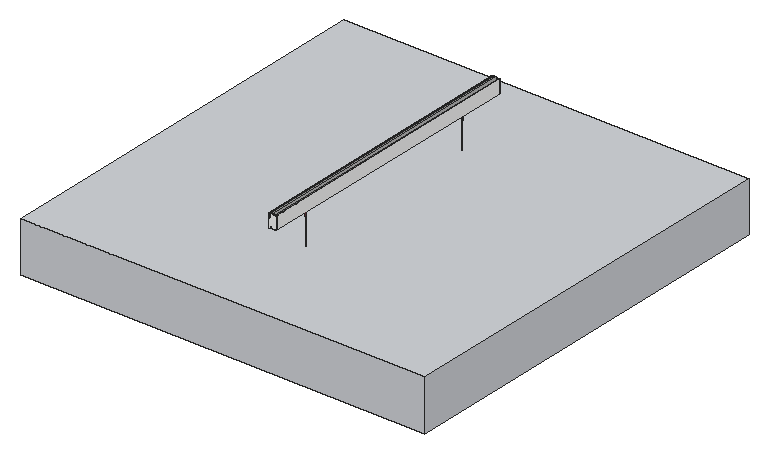
Revit family "LAMP_FIL 45 1680MM OPAL SUSPENDED", category Luminarias, Revit 2018
Family settings
  Anfitrión = Cara
  Cota de conector redondo = Diámetro de uso
  Tipo de pieza = Normal
  Corte con vacíos al cargar = No
  Origen de luz = Sí
  Compartido = No
  Punto de cálculo de habitación = No
Parameters (values of type "3900LM 3000K  BLACK")
  Ángulo de inclinación = -90.00°
  Weight = 3.50 kg
  Wattage = 24.7 W
  Type = "MID POWER TRIDONIC"
  built-in parameter 1150107 = 3000 (stored number, unit not read)
  Suspension distance [instance] = if(Suspension > 4000 mm, 4000 mm, if(Suspension < 1 mm, 1 mm, Suspension))  # 200 mm
  Suspension [instance] = 200 mm
  built-in parameter 1150110 = 1 (stored number, unit not read)
  built-in parameter 1150109 = 1 (stored number, unit not read)
  built-in parameter 1150112 = 1 (stored number, unit not read)
  built-in parameter 1150113 = 1 (stored number, unit not read)
  built-in parameter 1114218 = 1 (stored number, unit not read)
  Protection rating = "IP20 / IK07"
  Product datasheet = "http://www.lamp.es/product-files/TECH/F41SF168MOOP830NB-EN.pdf"
  Product code = "F41SF168MOOP830NB"
  Product URL = "https://www.lamp.es/en/family/fil-45_413951"
  Power Supply = "220-240V 50/60Hz"
  Power = 23 W
  Plum = 24.7 W
  Photobiological risk = ""
  NOT COVER 2 [instance] = not(END COVER 2)  # no
  NOT COVER 1 [instance] = not(END COVER 1)  # no
  built-in parameter 1150137 = (empty or 0)
  built-in parameter 1150132 = 2
  Modelo = Product code  # "F41SF168MOOP830NB"
  Model Explanation = ""
  Material suspension = LAMP_Acero genérico
  Material perfil = LAMP_Aluminio Perfil Fil NG
  Material difusor = LAMP_PC Difusor Opal Fil
  Manufacturer name = "LAMP"
  Manufacturer country = "Spain"
  Manufacturer URL = "http://www.lamp.es/en"
  MacAdam = "3"
  Longitud de línea de emisión = 1680 mm
  Last update = "15/03/2021"
  Lamp = "MID-POWER LED"
  LED Lifetime = "70.000 L80 B10"
  built-in parameter 1150105 = 982.7 (stored number, unit not read)
  built-in parameter 1150102 = (empty or 0)
  Insulation class = "I"
  Installation instructions = "https://www.lamp.es/product-files/INS/1004580-C%20INSTR.%20FIL45.pdf"
  built-in parameter 1150106 = 9.827 (stored number, unit not read)
  IEE = "A+"
  Gear = "Electronic"
  Lumens = 2583.37 lm
  Finish = "Matte black RAL 9011"
  Color Filter = 16777215
  built-in parameter 1114217 = 1 (stored number, unit not read)
  built-in parameter 1150139 = (empty or 0)
  Fabricante = Manufacturer name  # "LAMP"
  Default Elevation = 1219.2 mm
  built-in parameter 1150104 = 9.7167 (stored number, unit not read)
  Efficacy = 104.59 lm/W
  END COVER 2 [instance] = yes
  END COVER 1 [instance] = yes
  Dimensions = "1680x45x80"
  Descripción = "FIL45 SUR 1680 3900 WW OPAL BK."
  built-in parameter 1150115 = 1 (stored number, unit not read)
  built-in parameter 1150114 = 1 (stored number, unit not read)
  built-in parameter 1150138 = (empty or 0)
  built-in parameter 1150134 = 3
  Dimming Lamp Color Temperature Shift = (empty or 0)
  CRI = "80"
  Archivo de red fotométrica = "F41SF168MOOP830NB.IES"
  built-in parameter 1150133 = 10 (stored number, unit not read)
Types (24, lengths in mm): name | Weight | Wattage | built-in parameter 1150107 | Product datasheet | Product code | Power | Plum | Modelo | Material perfil | LED Lifetime | built-in parameter 1150105 | built-in parameter 1150106 | Lumens | Finish | built-in parameter 1150104 | Efficacy | Descripción | Archivo de red fotométrica
  3900LM 3000K DALI BLACK | 3.70 kg | 24.7 W | 3000 (stored number, unit not read) | "http://www.lamp.es/product-files/TECH/F41SF168MOOP830DB-EN.pdf" | "F41SF168MOOP830DB" | 23 W | 24.7 W | "F41SF168MOOP830DB" | LAMP_Aluminio Perfil Fil NG | "70.000 L80 B10" | 982.7 (stored number, unit not read) | 9.827 (stored number, unit not read) | 2583.37 lm | "Matte black RAL 9011" | 9.7167 (stored number, unit not read) | 104.59 lm/W | "FIL45 SUR 1680 3900 WW OPAL DALI BK." | "F41SF168MOOP830nB.IES"
  3900LM 3000K DALI GREY | 3.70 kg | 24.7 W | 3000 (stored number, unit not read) | "http://www.lamp.es/product-files/TECH/F41SF168MOOP830DG-EN.pdf" | "F41SF168MOOP830DG" | 23 W | 24.7 W | "F41SF168MOOP830DG" | LAMP_Aluminio Perfil Fil GR | "70.000 L80 B10" | 982.7 (stored number, unit not read) | 9.827 (stored number, unit not read) | 2583.37 lm | "Gloss grey" | 9.7167 (stored number, unit not read) | 104.59 lm/W | "FIL45 SUR 1680 3900 WW OPAL DALI GR." | "F41SF168MOOP830nG.IES"
  3900LM 3000K DALI WHITE | 3.70 kg | 24.7 W | 3000 (stored number, unit not read) | "http://www.lamp.es/product-files/TECH/F41SF168MOOP830DW-EN.pdf" | "F41SF168MOOP830DW" | 23 W | 24.7 W | "F41SF168MOOP830DW" | LAMP_Aluminio Perfil Fil BL | "70.000 L80 B10" | 982.7 (stored number, unit not read) | 9.827 (stored number, unit not read) | 2583.37 lm | "Matte white RAL 9010" | 9.7167 (stored number, unit not read) | 104.59 lm/W | "FIL45 SUR 1680 3900 WW OPAL DALI WH." | "F41SF168MOOP830nw.IES"
  3900LM 3000K  BLACK | 3.50 kg | 24.7 W | 3000 (stored number, unit not read) | "http://www.lamp.es/product-files/TECH/F41SF168MOOP830NB-EN.pdf" | "F41SF168MOOP830NB" | 23 W | 24.7 W | "F41SF168MOOP830NB" | LAMP_Aluminio Perfil Fil NG | "70.000 L80 B10" | 982.7 (stored number, unit not read) | 9.827 (stored number, unit not read) | 2583.37 lm | "Matte black RAL 9011" | 9.7167 (stored number, unit not read) | 104.59 lm/W | "FIL45 SUR 1680 3900 WW OPAL BK." | "F41SF168MOOP830NB.IES"
  3900LM 3000K  GREY | 3.50 kg | 24.7 W | 3000 (stored number, unit not read) | "http://www.lamp.es/product-files/TECH/F41SF168MOOP830NG-EN.pdf" | "F41SF168MOOP830NG" | 23 W | 24.7 W | "F41SF168MOOP830NG" | LAMP_Aluminio Perfil Fil GR | "70.000 L80 B10" | 982.7 (stored number, unit not read) | 9.827 (stored number, unit not read) | 2583.37 lm | "Gloss grey" | 9.7167 (stored number, unit not read) | 104.59 lm/W | "FIL45 SUR 1680 3900 WW OPAL GR." | "F41SF168MOOP830NG.IES"
  3900LM 3000K  WHITE | 3.50 kg | 24.7 W | 3000 (stored number, unit not read) | "http://www.lamp.es/product-files/TECH/F41SF168MOOP830NW-EN.pdf" | "F41SF168MOOP830NW" | 23 W | 24.7 W | "F41SF168MOOP830NW" | LAMP_Aluminio Perfil Fil BL | "70.000 L80 B10" | 982.7 (stored number, unit not read) | 9.827 (stored number, unit not read) | 2583.37 lm | "Matte white RAL 9010" | 9.7167 (stored number, unit not read) | 104.59 lm/W | "FIL45 SUR 1680 3900 WW OPAL WH." | "F41SF168MOOP830NW.IES"
  3900LM 4000K DALI BLACK | 3.70 kg | 24.7 W | 4000 (stored number, unit not read) | "http://www.lamp.es/product-files/TECH/F41SF168MOOP840DB-EN.pdf" | "F41SF168MOOP840DB" | 23 W | 24.7 W | "F41SF168MOOP840DB" | LAMP_Aluminio Perfil Fil NG | "70.000 L80 B10" | 1030.2 (stored number, unit not read) | 10.302 (stored number, unit not read) | 2708.11 lm | "Matte black RAL 9011" | 10.186 (stored number, unit not read) | 109.64 lm/W | "FIL45 SUR 1680 3900 NW OPAL DALI BK." | "F41SF168MOOP840nB.IES"
  3900LM 4000K DALI GREY | 3.70 kg | 24.7 W | 4000 (stored number, unit not read) | "http://www.lamp.es/product-files/TECH/F41SF168MOOP840DG-EN.pdf" | "F41SF168MOOP840DG" | 23 W | 24.7 W | "F41SF168MOOP840DG" | LAMP_Aluminio Perfil Fil GR | "70.000 L80 B10" | 1030.2 (stored number, unit not read) | 10.302 (stored number, unit not read) | 2708.11 lm | "Gloss grey" | 10.186 (stored number, unit not read) | 109.64 lm/W | "FIL45 SUR 1680 3900 NW OPAL DALI GR." | "F41SF168MOOP840nG.IES"
  3900LM 4000K DALI WHITE | 3.70 kg | 24.7 W | 4000 (stored number, unit not read) | "http://www.lamp.es/product-files/TECH/F41SF168MOOP840DW-EN.pdf" | "F41SF168MOOP840DW" | 23 W | 24.7 W | "F41SF168MOOP840DW" | LAMP_Aluminio Perfil Fil BL | "70.000 L80 B10" | 1030.2 (stored number, unit not read) | 10.302 (stored number, unit not read) | 2708.11 lm | "Matte white RAL 9010" | 10.186 (stored number, unit not read) | 109.64 lm/W | "FIL45 SUR 1680 3900 NW OPAL DALI WH." | "F41SF168MOOP840nW.IES"
  3900LM 4000K  BLACK | 3.50 kg | 24.7 W | 4000 (stored number, unit not read) | "http://www.lamp.es/product-files/TECH/F41SF168MOOP840NB-EN.pdf" | "F41SF168MOOP840NB" | 23 W | 24.7 W | "F41SF168MOOP840NB" | LAMP_Aluminio Perfil Fil NG | "70.000 L80 B10" | 1030.2 (stored number, unit not read) | 10.302 (stored number, unit not read) | 2708.11 lm | "Matte black RAL 9011" | 10.186 (stored number, unit not read) | 109.64 lm/W | "FIL45 SUR 1680 3900 NW OPAL BK." | "F41SF168MOOP840NB.IES"
  3900LM 4000K  GREY | 3.50 kg | 24.7 W | 4000 (stored number, unit not read) | "http://www.lamp.es/product-files/TECH/F41SF168MOOP840NG-EN.pdf" | "F41SF168MOOP840NG" | 23 W | 24.7 W | "F41SF168MOOP840NG" | LAMP_Aluminio Perfil Fil GR | "70.000 L80 B10" | 1030.2 (stored number, unit not read) | 10.302 (stored number, unit not read) | 2708.11 lm | "Gloss grey" | 10.186 (stored number, unit not read) | 109.64 lm/W | "FIL45 SUR 1680 3900 NW OPAL GR." | "F41SF168MOOP840NG.IES"
  3900LM 4000K  WHITE | 3.50 kg | 24.7 W | 4000 (stored number, unit not read) | "http://www.lamp.es/product-files/TECH/F41SF168MOOP840NW-EN.pdf" | "F41SF168MOOP840NW" | 23 W | 24.7 W | "F41SF168MOOP840NW" | LAMP_Aluminio Perfil Fil BL | "70.000 L80 B10" | 1030.2 (stored number, unit not read) | 10.302 (stored number, unit not read) | 2708.11 lm | "Matte white RAL 9010" | 10.186 (stored number, unit not read) | 109.64 lm/W | "FIL45 SUR 1680 3900 NW OPAL WH." | "F41SF168MOOP840NW.IES"
  9300LM 3000K DALI BLACK | 3.715 kg | 58.7 W | 3000 (stored number, unit not read) | "http://www.lamp.es/product-files/TECH/F41SF168HOOP830DB-EN.pdf" | "F41SF168HOOP830DB" | 54 W | 58.7 W | "F41SF168HOOP830DB" | LAMP_Aluminio Perfil Fil NG | "72.000 L80 B10" | 2106.8 (stored number, unit not read) | 21.068 (stored number, unit not read) | 5594.11 lm | "Matte black RAL 9011" | 8.8537 (stored number, unit not read) | 95.3 lm/W | "FIL45 SUR 1680 9300 WW OPAL DALI BK." | "F41SF168HOOP830nB.IES"
  9300LM 3000K DALI GREY | 3.715 kg | 58.7 W | 3000 (stored number, unit not read) | "http://www.lamp.es/product-files/TECH/F41SF168HOOP830DG-EN.pdf" | "F41SF168HOOP830DG" | 54 W | 58.7 W | "F41SF168HOOP830DG" | LAMP_Aluminio Perfil Fil GR | "72.000 L80 B10" | 2106.8 (stored number, unit not read) | 21.068 (stored number, unit not read) | 5594.11 lm | "Gloss grey" | 8.8537 (stored number, unit not read) | 95.3 lm/W | "FIL45 SUR 1680 9300 WW OPAL DALI GR." | "F41SF168HOOP830nG.IES"
  9300LM 3000K DALI WHITE | 3.715 kg | 58.7 W | 3000 (stored number, unit not read) | "http://www.lamp.es/product-files/TECH/F41SF168HOOP830DW-EN.pdf" | "F41SF168HOOP830DW" | 54 W | 58.7 W | "F41SF168HOOP830DW" | LAMP_Aluminio Perfil Fil BL | "72.000 L80 B10" | 2106.8 (stored number, unit not read) | 21.068 (stored number, unit not read) | 5594.11 lm | "Matte white RAL 9010" | 8.8537 (stored number, unit not read) | 95.3 lm/W | "FIL45 SUR 1680 9300 WW OPAL DALI WH." | "F41SF168HOOP830nW.IES"
  9300LM 3000K  BLACK | 3.55 kg | 58.7 W | 3000 (stored number, unit not read) | "http://www.lamp.es/product-files/TECH/F41SF168HOOP830NB-EN.pdf" | "F41SF168HOOP830NB" | 54 W | 58.7 W | "F41SF168HOOP830NB" | LAMP_Aluminio Perfil Fil NG | "72.000 L80 B10" | 2106.8 (stored number, unit not read) | 21.068 (stored number, unit not read) | 5594.11 lm | "Matte black RAL 9011" | 8.8537 (stored number, unit not read) | 95.3 lm/W | "FIL45 SUR 1680 9300 WW OPAL BK." | "F41SF168HOOP830NB.IES"
  9300LM 3000K  GREY | 3.55 kg | 58.7 W | 3000 (stored number, unit not read) | "http://www.lamp.es/product-files/TECH/F41SF168HOOP830NG-EN.pdf" | "F41SF168HOOP830NG" | 54 W | 58.7 W | "F41SF168HOOP830NG" | LAMP_Aluminio Perfil Fil GR | "72.000 L80 B10" | 2106.8 (stored number, unit not read) | 21.068 (stored number, unit not read) | 5594.11 lm | "Gloss grey" | 8.8537 (stored number, unit not read) | 95.3 lm/W | "FIL45 SUR 1680 9300 WW OPAL GR." | "F41SF168HOOP830NG.IES"
  9300LM 3000K  WHITE | 3.55 kg | 58.7 W | 3000 (stored number, unit not read) | "http://www.lamp.es/product-files/TECH/F41SF168HOOP830NW-EN.pdf" | "F41SF168HOOP830NW" | 54 W | 58.7 W | "F41SF168HOOP830NW" | LAMP_Aluminio Perfil Fil BL | "72.000 L80 B10" | 2106.8 (stored number, unit not read) | 21.068 (stored number, unit not read) | 5594.11 lm | "Matte white RAL 9010" | 8.8537 (stored number, unit not read) | 95.3 lm/W | "FIL45 SUR 1680 9300 WW OPAL WH." | "F41SF168HOOP830NW.IES"
  9300LM 4000K DALI BLACK | 3.715 kg | 58.7 W | 4000 (stored number, unit not read) | "http://www.lamp.es/product-files/TECH/F41SF168HOOP840DB-EN.pdf" | "F41SF168HOOP840DB" | 54 W | 58.7 W | "F41SF168HOOP840DB" | LAMP_Aluminio Perfil Fil NG | "72.000 L80 B10" | 2106.8 (stored number, unit not read) | 21.068 (stored number, unit not read) | 5594.11 lm | "Matte black RAL 9011" | 8.8537 (stored number, unit not read) | 95.3 lm/W | "FIL45 SUR 1680 9300 NW OPAL DALI BK." | "F41SF168HOOP840nB.IES"
  9300LM 4000K DALI GREY | 3.715 kg | 58.7 W | 4000 (stored number, unit not read) | "http://www.lamp.es/product-files/TECH/F41SF168HOOP840DG-EN.pdf" | "F41SF168HOOP840DG" | 54 W | 58.7 W | "F41SF168HOOP840DG" | LAMP_Aluminio Perfil Fil GR | "72.000 L80 B10" | 2106.8 (stored number, unit not read) | 21.068 (stored number, unit not read) | 5594.11 lm | "Gloss grey" | 8.8537 (stored number, unit not read) | 95.3 lm/W | "FIL45 SUR 1680 9300 NW OPAL DALI GR." | "F41SF168HOOP840nG.IES"
  9300LM 4000K DALI WHITE | 3.715 kg | 58.7 W | 4000 (stored number, unit not read) | "http://www.lamp.es/product-files/TECH/F41SF168HOOP840DW-EN.pdf" | "F41SF168HOOP840DW" | 54 W | 58.7 W | "F41SF168HOOP840DW" | LAMP_Aluminio Perfil Fil BL | "72.000 L80 B10" | 2106.8 (stored number, unit not read) | 21.068 (stored number, unit not read) | 5594.11 lm | "Matte white RAL 9010" | 8.8537 (stored number, unit not read) | 95.3 lm/W | "FIL45 SUR 1680 9300 NW OPAL DALI WH." | "F41SF168HOOP840nW.IES"
  9300LM 4000K  BLACK | 3.55 kg | 58.7 W | 4000 (stored number, unit not read) | "http://www.lamp.es/product-files/TECH/F41SF168HOOP840NB-EN.pdf" | "F41SF168HOOP840NB" | 54 W | 58.7 W | "F41SF168HOOP840NB" | LAMP_Aluminio Perfil Fil NG | "72.000 L80 B10" | 2106.8 (stored number, unit not read) | 21.068 (stored number, unit not read) | 5594.11 lm | "Matte black RAL 9011" | 8.8537 (stored number, unit not read) | 95.3 lm/W | "FIL45 SUR 1680 9300 NW OPAL BK." | "F41SF168HOOP840NB.IES"
  9300LM 4000K  GREY | 3.55 kg | 58.7 W | 4000 (stored number, unit not read) | "http://www.lamp.es/product-files/TECH/F41SF168HOOP840NG-EN.pdf" | "F41SF168HOOP840NG" | 54 W | 58.7 W | "F41SF168HOOP840NG" | LAMP_Aluminio Perfil Fil GR | "72.000 L80 B10" | 2106.8 (stored number, unit not read) | 21.068 (stored number, unit not read) | 5594.11 lm | "Gloss grey" | 8.8537 (stored number, unit not read) | 95.3 lm/W | "FIL45 SUR 1680 9300 NW OPAL GR." | "F41SF168HOOP840NG.IES"
  9300LM 4000K  WHITE | 3.55 kg | 58.7 W | 4000 (stored number, unit not read) | "http://www.lamp.es/product-files/TECH/F41SF168HOOP840NW-EN.pdf" | "F41SF168HOOP840NW" | 54 W | 58.7 W | "F41SF168HOOP840NW" | LAMP_Aluminio Perfil Fil BL | "72.000 L80 B10" | 2106.8 (stored number, unit not read) | 21.068 (stored number, unit not read) | 5594.11 lm | "Matte white RAL 9010" | 8.8537 (stored number, unit not read) | 95.3 lm/W | "FIL45 SUR 1680 9300 NW OPAL WH." | "F41SF168HOOP840NW.IES"
Reference planes
  plane 1 "Centro (Frontal/Posterior)": y = 0
  plane 2: z = 0
  plane 3 "Centro (Izquierda/Derecha)": x = 0
Forms (mm)
  Extrusion 1, solid
    sketch origin (0, 0, 0) x (1, 0, 0) y (0, 1, 0)
      loop
        line (-1219.2, 1219.2) -> (-1219.2, -1219.2) -> (1219.2, -1219.2) -> (1219.2, 1219.2) -> (-1219.2, 1219.2)
    from 0 to -304.8
  Extrusion 2, solid, material "LAMP_Aluminio Perfil Fil NG" <- "Material perfil"
    sketch origin (0, 0, 0) x (1, 0, 0) y (0, 0, 1)
      loop
        arc (22.5, 285.7) -> (21.5, 286.7) -> (20.5, 285.7) r 1
        line (20.5, 285.7) -> (20.5, 284.2) -> (17.8, 284.2) -> (17.8, 259) -> (0, 259) -> (-17.8, 259) -> (-17.8, 284.2) -> (-20.5, 284.2) -> (-20.5, 285.7)
        arc (-20.5, 285.7) -> (-21.5, 286.7) -> (-22.5, 285.7) r 1
        line (-22.5, 285.7) -> (-22.5, 206.5) -> (-20.7, 206.5) -> (-20.7, 210) -> (-12.5, 210) -> (-12.5, 208) -> (-14.8, 208) -> (-14.5, 206.5) -> (-11, 206.5) -> (-11, 214.5) -> (0, 214.5) -> (11, 214.5) -> (11, 206.5) -> (14.5, 206.5) -> (14.8, 208) -> (12.5, 208) -> (12.5, 210) -> (20.7, 210) -> (20.7, 206.5) -> (22.5, 206.5) -> (22.5, 285.7)
    from -840 to 840
  Extrusion 3, solid, material "LAMP_Acero genérico" <- "Material suspension"
    sketch origin (0, 0, 0) x (1, 0, 0) y (0, 0, 1)
      loop
        line (-12.5, 201) -> (-15.291, 208.272) -> (-12.823, 210) -> (-13.823, 210) -> (-16.291, 208.272) -> (-13.116, 200) -> (0, 200) -> (13.116, 200) -> (16.291, 208.272) -> (13.823, 210) -> (12.823, 210) -> (15.291, 208.272) -> (12.5, 201) -> (0, 201) -> (-12.5, 201)
    from -600 to -578
  Extrusion 4, solid, material "LAMP_Acero genérico" <- "Material suspension"
    sketch origin (0, -224, 0) x (1, 0, 0) y (0, 1, 0)
      loop
        circle (0, -365) r 5
    from 163.2 to 200
  Extrusion 5, solid, material "LAMP_Acero genérico" <- "Material suspension"
    sketch origin (0, 224, 0) x (1, 0, 0) y (0, 1, 0)
      loop
        circle (0, 365) r 5
    from 163.2 to 200
  Extrusion 6, solid, material "LAMP_Acero genérico" <- "Material suspension"
    sketch origin (0, -200, 0) x (1, 0, 0) y (0, 1, 0)
      loop
        circle (0, -389) r 1
    from 0 to 163.2
  Extrusion 7, solid, material "LAMP_Acero genérico" <- "Material suspension"
    sketch origin (0, 200, 0) x (1, 0, 0) y (0, 1, 0)
      loop
        circle (0, 389) r 1
    from 0 to 163.2
  Extrusion 8, solid, material "LAMP_PC Difusor Opal Fil" <- "Material difusor"
    sketch origin (0, 0, 0) x (1, 0, 0) y (0, 0, 1)
      loop
        line (-20.5, 284.2) -> (0, 284.2) -> (20.5, 284.2) -> (20.5, 286.7) -> (0, 286.7) -> (-20.5, 286.7) -> (-20.5, 284.2)
    from -840 to 840
  Extrusion 9, solid, material "LAMP_Acero genérico" <- "Material suspension"
    sketch origin (0, -200, 0) x (1, 0, 0) y (0, 0, -1)
      loop
        line (-12.5, -201) -> (0, -201) -> (12.5, -201) -> (15.291, -208.272) -> (12.823, -210) -> (13.823, -210) -> (16.291, -208.272) -> (13.116, -200) -> (0, -200) -> (-13.116, -200) -> (-16.291, -208.272) -> (-13.823, -210) -> (-12.823, -210) -> (-15.291, -208.272) -> (-12.5, -201)
    from -400 to -378
  Extrusion 10, solid, material "LAMP_PC Difusor Opal Fil" <- "Material difusor"
    sketch origin (0, 0, 0) x (1, 0, 0) y (0, 0, 1)
      loop
        line (-11, 214.5) -> (-11, 206.5) -> (-7.529, 206.5) -> (11, 206.5) -> (11, 214.5) -> (10, 214.5) -> (10, 207.5) -> (-10, 207.5) -> (-10, 214.5) -> (-11, 214.5)
    from -840 to 840
Lines and regions (mm)
  reference lines
    curve 1: line (0, -445.47, 200) -> (0, 544.53, 200)
Text (mm)
  text "Any modification of the parameters and properties of the LAMP BIM models must be executed and validated by the LAMP technical department.\nPhone: +34 93 736 68 00\nE-mail: lamp@lamp.es\n\nLAMP reserves the right to modify the technical specifications of its products." at (3279.264, 5298.162, -2684.539), in view "Preview"
Dimensions and locks
  "Suspension distance": level to curve 1
  locked: Extrusion 4 to Extrusion 4 at 36.8
  locked: Extrusion 5 to Extrusion 5 at 36.8
  aligned and locked: plane 2 to Extrusion 1
  aligned and locked: level to Extrusion 1
  aligned and locked: Extrusion 8 to Extrusion 2  (x2)
  aligned and locked: Extrusion 9 to curve 1
  aligned and locked: curve 1 to Extrusion 3
  aligned and locked: curve 1 to Extrusion 4
  aligned and locked: Extrusion 5 to curve 1
  aligned and locked: Extrusion 6 to Extrusion 4
  aligned and locked: Extrusion 7 to Extrusion 5
  aligned and locked: Extrusion 2 to Extrusion 9  (x2)
  aligned and locked: imposter light to Extrusion 8
  aligned and locked: Extrusion 10 to Extrusion 2
  aligned and locked: nested 1 to Extrusion 2  (x2)
  aligned and locked: nested 2 to Extrusion 2
Automatic sketch dimensions
  Extrusion 1 sketch curve to Extrusion 1 sketch curve = 2438.4 mm  (x2)
  Extrusion 3 sketch curve to plane 3 "Centro (Izquierda/Derecha)" = 0 mm  (x2)
  Extrusion 3 sketch curve to Extrusion 3 sketch curve = 12.5 mm
  Extrusion 3 sketch curve to Extrusion 3 sketch curve = 0.323 mm  (x2)
  Extrusion 3 sketch curve to Extrusion 3 sketch curve = 0.616 mm  (x2)
  Extrusion 3 sketch curve to Extrusion 3 sketch curve = 1 mm  (x5)
  Extrusion 3 sketch curve to Extrusion 3 sketch curve = 1.468 mm  (x2)
  plane 3 "Centro (Izquierda/Derecha)" to Extrusion 3 sketch curve = 12.5 mm
  level to Extrusion 3 sketch curve = 200 mm
  Extrusion 3 sketch curve to Extrusion 3 sketch curve = 7.272 mm  (x2)
  Extrusion 3 sketch curve to Extrusion 3 sketch curve = 0 mm  (x2)
  Extrusion 3 sketch curve to Extrusion 3 sketch curve = 1.728 mm  (x2)
  Extrusion 4 sketch curve to plane 3 "Centro (Izquierda/Derecha)" = 0 mm
  plane 1 "Centro (Frontal/Posterior)" to Extrusion 4 sketch curve = 589 mm
  Extrusion 5 sketch curve to plane 3 "Centro (Izquierda/Derecha)" = 0 mm
  plane 1 "Centro (Frontal/Posterior)" to Extrusion 5 sketch curve = 589 mm
  Extrusion 6 sketch curve to plane 3 "Centro (Izquierda/Derecha)" = 0 mm
  plane 1 "Centro (Frontal/Posterior)" to Extrusion 6 sketch curve = 589 mm
  Extrusion 7 sketch curve to plane 3 "Centro (Izquierda/Derecha)" = 0 mm
  plane 1 "Centro (Frontal/Posterior)" to Extrusion 7 sketch curve = 589 mm
  Extrusion 2 sketch curve to plane 3 "Centro (Izquierda/Derecha)" = 0 mm  (x2)
  Extrusion 2 sketch curve to plane 3 "Centro (Izquierda/Derecha)" = 11 mm
  Extrusion 2 sketch curve to Extrusion 2 sketch curve = 1.5 mm  (x6)
  Extrusion 2 sketch curve to Extrusion 2 sketch curve = 2 mm  (x2)
  Extrusion 2 sketch curve to Extrusion 2 sketch curve = 0.3 mm  (x2)
  Extrusion 2 sketch curve to Extrusion 2 sketch curve = 17.8 mm
  Extrusion 2 sketch curve to Extrusion 2 sketch curve = 2.7 mm  (x2)
  Extrusion 2 sketch curve to Extrusion 2 sketch curve = 5.9 mm  (x2)
  Extrusion 2 sketch curve to Extrusion 2 sketch curve = 1 mm  (x2)
  plane 3 "Centro (Izquierda/Derecha)" to Extrusion 2 sketch curve = 11 mm
  plane 3 "Centro (Izquierda/Derecha)" to Extrusion 2 sketch curve = 17.8 mm
  level to Extrusion 2 sketch curve = 206.5 mm
  Extrusion 2 sketch curve to Extrusion 2 sketch curve = 0 mm  (x3)
  Extrusion 2 sketch curve to Extrusion 2 sketch curve = 3.5 mm  (x2)
  Extrusion 2 sketch curve to Extrusion 2 sketch curve = 4.5 mm
  Extrusion 2 sketch curve to Extrusion 2 sketch curve = 44.5 mm
  Extrusion 2 sketch curve to Extrusion 2 sketch curve = 25.2 mm  (x2)
  Extrusion 8 sketch curve to plane 3 "Centro (Izquierda/Derecha)" = 0 mm  (x2)
  Extrusion 8 sketch curve to Extrusion 8 sketch curve = 20.5 mm
  plane 3 "Centro (Izquierda/Derecha)" to Extrusion 8 sketch curve = 20.5 mm
  level to Extrusion 8 sketch curve = 284.2 mm
  Extrusion 8 sketch curve to Extrusion 8 sketch curve = 2.5 mm
  Extrusion 9 sketch curve to plane 3 "Centro (Izquierda/Derecha)" = 0 mm  (x2)
  Extrusion 9 sketch curve to Extrusion 9 sketch curve = 12.5 mm
  Extrusion 9 sketch curve to Extrusion 9 sketch curve = 0.323 mm  (x2)
  Extrusion 9 sketch curve to Extrusion 9 sketch curve = 0.616 mm  (x2)
  Extrusion 9 sketch curve to Extrusion 9 sketch curve = 1 mm  (x5)
  Extrusion 9 sketch curve to Extrusion 9 sketch curve = 1.468 mm  (x2)
  plane 3 "Centro (Izquierda/Derecha)" to Extrusion 9 sketch curve = 12.5 mm
  level to Extrusion 9 sketch curve = 210 mm
  Extrusion 9 sketch curve to Extrusion 9 sketch curve = 0 mm  (x3)
  Extrusion 9 sketch curve to Extrusion 9 sketch curve = 1.728 mm  (x2)
  Extrusion 9 sketch curve to Extrusion 9 sketch curve = 7.272 mm
  Extrusion 10 sketch curve to plane 3 "Centro (Izquierda/Derecha)" = 11 mm
  Extrusion 10 sketch curve to Extrusion 10 sketch curve = 1 mm  (x3)
  Extrusion 10 sketch curve to Extrusion 10 sketch curve = 2.471 mm
  plane 3 "Centro (Izquierda/Derecha)" to Extrusion 10 sketch curve = 10 mm
  level to Extrusion 10 sketch curve = 206.5 mm
  Extrusion 10 sketch curve to Extrusion 10 sketch curve = 7 mm  (x2)
  plane 1 "Centro (Frontal/Posterior)" to curve 1 = 445.47 mm
  curve 1 to plane 1 "Centro (Frontal/Posterior)" = 544.53 mm
  radius of Extrusion 4 sketch curve = 5 mm
  radius of Extrusion 5 sketch curve = 5 mm
  radius of Extrusion 6 sketch curve = 1 mm
  radius of Extrusion 7 sketch curve = 1 mm
Nested families
  nested 1: "LAMP_FIL 45 END COVER SURFACE" at (0, -841, 206.5), visible <- "END COVER 1", type "LAMP_FIL 45 END COVER SURFACE"
  nested 2: "LAMP_FIL 45 END COVER SURFACE" at (0, 841, 206.5), visible <- "END COVER 2", type "LAMP_FIL 45 END COVER SURFACE"
Connectors
  electrical at (0, 589, 200)
    settings: on Extrusion 5, index 1, voltage 230 V, apparent load 0 VA, apparent load phase1 0 VA, apparent load phase2 0 VA, apparent load phase3 0 VA, power factor 1, load classification "Otro", number of poles 1, system type 31, power factor state 1, is connector primary yes, connector utility no, sub classification motor no, connector description ""
Definition of nested family "LAMP_FIL 45 END COVER SURFACE"
  Parameters (values of type "Blanco")
    Material tapa = none
  Reference planes
    plane 1 "Centro (Frontal/Posterior)": y = 0
    plane 2: z = 0
    plane 3 "Centro (Izquierda/Derecha)": x = 0
  Forms (mm)
    Extrusion 1, solid, material <- "Material tapa"
      sketch origin (0, 0, 0) x (0, -1, 0) y (0, 0, 1)
        loop
          line (0, 0) -> (1, 0) -> (1, 80) -> (-1, 80) -> (-1, 0) -> (0, 0)
      from -22.5 to 22.5
  Dimensions and locks
    aligned and locked: level to plane 2
